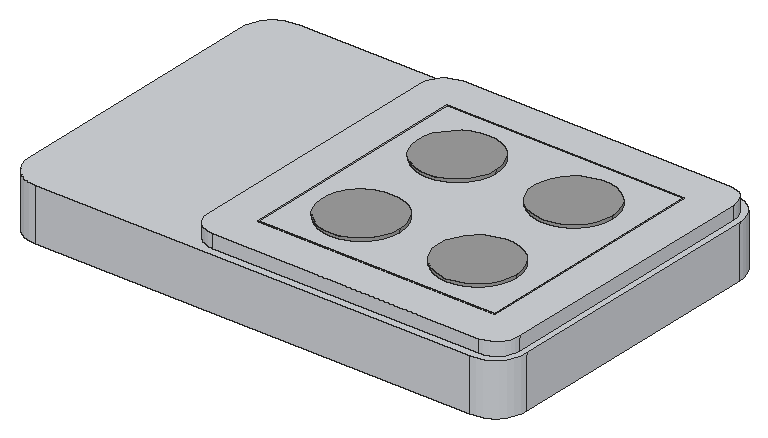
Revit family "Lighting-Industrial-GEWISS-SMART[4]HLO_HIGHBAYS-LED_EMERGENCY_1M", category Apparecchi per illuminazione, Revit 2019
Family settings
  Quota connettore circolare = Usa diametro
  Tipo di parte = Normale
  Numero OmniClass = 23.80.00.00
  Titolo OmniClass = Electric Power and Lighting
  Basato su piano di lavoro = Sì
  Sempre verticale = No
  Taglio con vuoti quando caricato = No
  Sorgente d'illuminazione = No
  Condiviso = No
  Punto di calcolo locali = No
Parameters (values of type "GWS4124BQ857 - SMART4LB 1M EMERG.HLO ELL.57K")
  Wiring = "With GW connect watertight connector"
  Weight (kg): = "5"
  Warranty = "5 years"
  Voltaggio = 230 V
  Vetro acceso = Lampada accesa
  Version file RFA = "20.11"
  Unique digital code (Datamatrix) = "Datamatrix"
  Unified Glare Rating = "-"
  URL = "https://www.gewiss.com/ww/en"
  Type of light source = "LED - Not replaceable"
  Tilt- = "-"
  Technical sheet = "https://www.gewiss.com/ww/en/search?q=GWS4124BQ857"
  System power : = "64 W (+5W Emerg.)"
  Supply voltage = "220 - 240 V"
  Stocking temperature = "-40 +70 °C"
  Standards and approvals = "-"
  Standard- = "EN 60598-2-22 ; EN 60598-1 ; EN 60598-2-24"
  Standard Deviation Colour Matching = "SDCM = 3"
  Spostamento_Y_etichetta [instance] = 0 mm
  Spostamento_Y_effettivo_etichetta [instance] = 1500 mm - Spostamento_Y_etichetta  # 1500 mm
  Spostamento_X_etichetta [instance] = 0 mm
  Spostamento_X_effettivo_etichetta [instance] = 1500 mm - Spostamento_X_etichetta  # 1500 mm
  Shock resistance = "IK08"
  Shield type = "Tempered glass Thickness 4mm"
  Realized by GEWISS S.p.A. = ""
  Rated frequency (Hz) = "50/60 Hz"
  Produttore = "GEWISS S.p.A."
  Photobiological Risk Class = "RG0"
  Overvoltage protection = "DM 6 kV / CM 10 kV"
  Optic and illuminating features = "-"
  Optic Maintenance = "Non-replaceable"
  Optic : = "Metallic PC reflector and PMMA lenses"
  Optic = "Elliptical"
  Operating temperature : = "0 ÷ +40 °C"
  Offset etichetta W [instance] = 120 mm
  Mouting and installation = "Ceiling light - Suspension"
  Modello = "GWS4124BQ857"
  Maximum surface exposed to the wind : = "0,140 m²"
  Materials = "-"
  Luminaire = "LED Industrial Reflector "
  Lumen output (lm) : = "8200 (750 Emerg.)"
  Locking Hook = "-"
  Lifetime = "L90B10 (Tq+25°C) = 100.000 h - L90B10 (Tq+50°C) = 50.000 h"
  Lampada = "LED"
  LED Maintenance = "NiMh Battery Only"
  Insulation class = "I"
  Installationa and maintenance = "-"
  Immagine tipo = GWL1071.jpg
  IPEA = "-"
  IP degree = "IP65"
  IFC.TypeObject = ""
  IFC.ExportType = ""
  IFC.ExportAs = ""
  IDT = "dbfa2a0d0d304b5c9c716a8a975efb61"
  IDF = "c2843a42-114d-4628-8d4d-b7f9c19c0e6a"
  Glow Wire Test : = "850 °C"
  General information = "-"
  Gasket = "anti-aging silicone"
  Fixing = "-"
  External screw = "Stainless steel"
  Etichetta wattaggio [instance] = yes
  Default Elevation = 1219.2 mm
  Trasformatore = none
  Spessore plafoniera = 40 mm  # constant formula
  Proiettsmart [instance] = yes
  Raggio led = 30 mm  # constant formula
  Plafoniera = none
  Eletrical and lighting features = "-"
  Electrocod = "2444"
  Efficiency (lm/W) = "119"
  Driver Box = "Built-in"
  Driver = "Included"
  Device with reduced surface temperature = "Yes"
  Descrizione = "SMART[4]LB 1M EMERG.HLO ELL.57K"
  DIN 18032-3 certification = "-"
  Control System = "1 x DALI DT6 + 1 x DALI DT1 (Emerg. 3h)"
  Context = "Logistics and industrial manufacturing lighting"
  Commenti sul wattaggio = "50W"
  Colour temperature = "5700K"
  Colour : = "Grey RAL 7035"
  Colour = "Grey RAL 7035"
  Color Rendering Index = "CRI-80"
  Classificazione = Lighting
  Classification: = "-"
  Catalogue = "LIGHTING"
  Carico apparente = 50 VA
  Motore = none
  Lunghezza = 383 mm  # constant formula
  Larghezza = 253 mm  # constant formula
  Distanza tot_plafoniera = 74 mm  # constant formula
  Dettaglio bidimensionale attivo [instance] = not(Proiettsmart)  # no
  COBie.Tagnumber = ""
  COBie.CreatedOn = ""
  COBie.CreatebBy = ""
  COBie.ComponentRegisterItemID = ""
  COBie.Component.TagNumber = ""
  COBie.Component.Space = ""
  COBie.Component.SerialNumber = ""
  COBie.Component.InstallationDate = ""
  COBie.Component.Description = ""
  COBie.Component.BarCode = ""
  Body = "PA6 \"Halogen Free\" loaded fibreglass"
  Application = "Internal"
Types (18, lengths in mm): name | Unified Glare Rating | Technical sheet | Optic : | Optic | Modello | Lumen output (lm) : | IDT | Efficiency (lm/W) | Descrizione | Colour temperature
  GWS4124BF830 - SMART4LB 1M EMERG.HLO 30° 30K | "UGR - 22" | "https://www.gewiss.com/ww/en/search?q=GWS4124BF830" | "Metallic PC reflector and PMMA lenses" | "30°" | "GWS4124BF830" | "8600 (810 Emerg.)" | "e205929dcc0942f0948c83918083207d" | "125" | "SMART[4]LB 1M EMERG.HLO 30° 30K" | "3000K"
  GWS4124BF840 - SMART4LB 1M EMERG.HLO 30° 40K | "UGR - 22" | "https://www.gewiss.com/ww/en/search?q=GWS4124BF840" | "Metallic PC reflector and PMMA lenses" | "30°" | "GWS4124BF840" | "9000 (850 Emerg.)" | "50c70a4f6ced45178af18676ac75613b" | "130" | "SMART[4]LB 1M EMERG.HLO 30° 40K" | "4000K"
  GWS4124BF857 - SMART4LB 1M EMERG.HLO 30° 57K | "UGR - 22" | "https://www.gewiss.com/ww/en/search?q=GWS4124BF857" | "Metallic PC reflector and PMMA lenses" | "30°" | "GWS4124BF857" | "9000 (850 Emerg.)" | "eaefd258a6de4ada8ffe52c209b637a5" | "130" | "SMART[4]LB 1M EMERG.HLO 30° 57K" | "5700K"
  GWS4124BH830 - SMART4LB 1M EMERG.HLO 60° 30K | "UGR - 25" | "https://www.gewiss.com/ww/en/search?q=GWS4124BH830" | "Metallic PC reflector and PMMA lenses" | "60°" | "GWS4124BH830" | "8700 (810 Emerg.)" | "8f460ce9c878498e94068a4f8f24146c" | "126" | "SMART[4]LB 1M EMERG.HLO 60° 30K" | "3000K"
  GWS4124BH840 - SMART4LB 1M EMERG.HLO 60° 40K | "UGR - 25" | "https://www.gewiss.com/ww/en/search?q=GWS4124BH840" | "Metallic PC reflector and PMMA lenses" | "60°" | "GWS4124BH840" | "9200 (850 Emerg.)" | "0d9c0454ef2b4150b3992b9f1e1f582d" | "133" | "SMART[4]LB 1M EMERG.HLO 60° 40K" | "4000K"
  GWS4124BH857 - SMART4LB 1M EMERG.HLO 60° 57K | "UGR - 25" | "https://www.gewiss.com/ww/en/search?q=GWS4124BH857" | "Metallic PC reflector and PMMA lenses" | "60°" | "GWS4124BH857" | "9200 (850 Emerg.)" | "45183929ce5d40188923b628645333b9" | "133" | "SMART[4]LB 1M EMERG.HLO 60° 57K" | "5700K"
  GWS4124BP830 - SMART4LB 1M EMERG.HLO 90° 30K | "UGR - 25" | "https://www.gewiss.com/ww/en/search?q=GWS4124BP830" | "Metallic PC reflector and PMMA lenses" | "90°" | "GWS4124BP830" | "8800 (810 Emerg.)" | "1f58021f66fe4c0a913365584fa01fac" | "128" | "SMART[4]LB 1M EMERG.HLO 90° 30K" | "3000K"
  GWS4124BP840 - SMART4LB 1M EMERG.HLO 90° 40K | "UGR - 25" | "https://www.gewiss.com/ww/en/search?q=GWS4124BP840" | "Metallic PC reflector and PMMA lenses" | "90°" | "GWS4124BP840" | "9200 (850 Emerg.)" | "f230a29887d44ff6a24ba23e0b25953c" | "133" | "SMART[4]LB 1M EMERG.HLO 90° 40K" | "4000K"
  GWS4124BP857 - SMART4LB 1M EMERG.HLO 90° 57K | "UGR - 25" | "https://www.gewiss.com/ww/en/search?q=GWS4124BP857" | "Metallic PC reflector and PMMA lenses" | "90°" | "GWS4124BP857" | "9200 (850 Emerg.)" | "8c7582153b8340768561bde774a283c2" | "133" | "SMART[4]LB 1M EMERG.HLO 90° 57K" | "5700K"
  GWS4124BA830 - SMART4LB 1M EMERG.HLO ARR.30K | "-" | "https://www.gewiss.com/ww/en/search?q=GWS4124BA830" | "Metallized polycarbonate reflector" | "Array" | "GWS4124BA830" | "8700 (810 Emerg.)" | "a9e737c2c90942b2a42787b32f029eee" | "126" | "SMART[4]LB 1M EMERG.HLO ARR.30K" | "3000K"
  GWS4124BA840 - SMART4LB 1M EMERG.HLO ARR.40K | "-" | "https://www.gewiss.com/ww/en/search?q=GWS4124BA840" | "Metallized polycarbonate reflector" | "Array" | "GWS4124BA840" | "9200 (850 Emerg.)" | "5fcdeda18b154df5888a3abc2dd82e59" | "133" | "SMART[4]LB 1M EMERG.HLO ARR.40K" | "4000K"
  GWS4124BA857 - SMART4LB 1M EMERG.HLO ARR.57K | "-" | "https://www.gewiss.com/ww/en/search?q=GWS4124BA857" | "Metallized polycarbonate reflector" | "Array" | "GWS4124BA857" | "9200 (850 Emerg.)" | "7539967e01304e10974998ac2e44caef" | "133" | "SMART[4]LB 1M EMERG.HLO ARR.57K" | "5700K"
  GWS4124BC830 - SMART4LB 1M EMERG.HLO ASI.30K | "-" | "https://www.gewiss.com/ww/en/search?q=GWS4124BC830" | "Metallic PC reflector and PMMA lenses" | "Asymmetrical" | "GWS4124BC830" | "7800 (710 Emerg.)" | "867985a0557a4644bbea3083425d13cd" | "113" | "SMART[4]LB 1M EMERG.HLO ASI.30K" | "3000K"
  GWS4124BC840 - SMART4LB 1M EMERG.HLO ASI.40K | "-" | "https://www.gewiss.com/ww/en/search?q=GWS4124BC840" | "Metallic PC reflector and PMMA lenses" | "Asymmetrical" | "GWS4124BC840" | "8200 (750 Emerg.)" | "4f17814d36d34125acb8437cb6e70089" | "119" | "SMART[4]LB 1M EMERG.HLO ASI.40K" | "4000K"
  GWS4124BC857 - SMART4LB 1M EMERG.HLO ASI.57K | "-" | "https://www.gewiss.com/ww/en/search?q=GWS4124BC857" | "Metallic PC reflector and PMMA lenses" | "Asymmetrical" | "GWS4124BC857" | "8200 (750 Emerg.)" | "af51b0fe7bc54008a903239c2b5b1486" | "119" | "SMART[4]LB 1M EMERG.HLO ASI.57K" | "5700K"
  GWS4124BQ830 - SMART4LB 1M EMERG.HLO ELL.30K | "-" | "https://www.gewiss.com/ww/en/search?q=GWS4124BQ830" | "Metallic PC reflector and PMMA lenses" | "Elliptical" | "GWS4124BQ830" | "7800 (710 Emerg.)" | "f643dad9f91749da9e4b49a320c6560a" | "113" | "SMART[4]LB 1M EMERG.HLO ELL.30K" | "3000K"
  GWS4124BQ840 - SMART4LB 1M EMERG.HLO ELL.40K | "-" | "https://www.gewiss.com/ww/en/search?q=GWS4124BQ840" | "Metallic PC reflector and PMMA lenses" | "Elliptical" | "GWS4124BQ840" | "8200 (750 Emerg.)" | "8f78bef3880e4649b64ecbe1be2c7766" | "119" | "SMART[4]LB 1M EMERG.HLO ELL.40K" | "4000K"
  GWS4124BQ857 - SMART4LB 1M EMERG.HLO ELL.57K | "-" | "https://www.gewiss.com/ww/en/search?q=GWS4124BQ857" | "Metallic PC reflector and PMMA lenses" | "Elliptical" | "GWS4124BQ857" | "8200 (750 Emerg.)" | "dbfa2a0d0d304b5c9c716a8a975efb61" | "119" | "SMART[4]LB 1M EMERG.HLO ELL.57K" | "5700K"
Reference planes
  plane 1 "Centro (Fronte/Retro)": y = 0
  plane 2: z = 0
  plane 3 "Centro (Sinistra/Destra)": x = 0
  plane 4: x = -191.5
  plane 5: y = 126.5
  plane 6: x = 191.5
  plane 7: y = -126.5
  plane 8: z = -74
  plane 9: x = -175.5
  plane 10: y = -110.5
  plane 11: y = 110.5
  plane 12: x = -60.5
  plane 13: y = 121.5
  plane 14: x = 186.5
  plane 15: y = -120
  plane 16: z = 74
  plane 17: z = 84
  plane 18: z = 86
  plane 19: x = -1500
  plane 20: y = -1500
  plane 21: x = 0
  plane 22: y = 0
Dimensions and locks
  equal spacing: plane 5, plane 1 "Centro (Fronte/Retro)", plane 7
  equal spacing: plane 4, plane 3 "Centro (Sinistra/Destra)", plane 6
  "Lunghezza": plane 4 to plane 6
  "Larghezza": plane 5 to plane 7
  locked: plane 14 to plane 6 at 5
  locked: plane 5 to plane 13 at 5
  nested 3 to plane 8 = 133.058 mm
  locked: plane 4 to plane 9 at 16
  "Offset etichetta W": plane 1 "Centro (Fronte/Retro)" to plane 15
  "Distanza tot_plafoniera": plane 16 to level
  locked: plane 18 to plane 17 at 2
  plane 19 to plane 3 "Centro (Sinistra/Destra)" = 1500 mm
  plane 1 "Centro (Fronte/Retro)" to plane 20 = 1500 mm
  "Spostamento_Y_effettivo_etichetta": plane 22 to plane 20
  "Spostamento_X_effettivo_etichetta": plane 19 to plane 21
  aligned and locked: level to plane 2
  aligned and locked: plane 4 to nested 1
  aligned and locked: plane 6 to nested 1
  aligned and locked: plane 5 to nested 1
  aligned and locked: plane 7 to nested 1
  aligned and locked: plane 14 to nested 2
  aligned and locked: plane 1 "Centro (Fronte/Retro)" to nested 10
  aligned and locked: nested 3 to plane 2
  aligned and locked: plane 16 to nested 1
  aligned and locked: plane 1 "Centro (Fronte/Retro)" to nested 8
  aligned and locked: plane 1 "Centro (Fronte/Retro)" to nested 1
  aligned and locked: plane 1 "Centro (Fronte/Retro)" to nested 2
  aligned and locked: nested 2 to plane 16
  aligned and locked: nested 4 to plane 18
  aligned and locked: plane 18 to nested 6
  aligned and locked: nested 7 to plane 18
  aligned and locked: plane 18 to nested 5
  aligned and locked: nested 9 to plane 22
  aligned and locked: plane 21 to nested 9
Nested families
  nested 1: "Struttura_SMART[4] LB - 2+2 L" at (0, 0, 74), type "SMART Lab (4) 4L"
  nested 2: "mascherina_SMART (4)" at (66.5, 0, 84), type "Maschera_smart (4) 4L", detail levels medium+fine
  nested 3: "Staffa SMART LAB 4" at (65, -20, 59.058) x (0, 1, 0) z (0, 0, -1), type "Staffa SMART LAB 4", detail levels medium+fine
  nested 4: "Gewis - Led" at (20.25, 44.75, 86), type "Gewis - Led", detail levels fine
  nested 5: "Gewis - Led" at (109.75, 44.75, 86) x (-1, 0, 0) z (0, 0, 1), type "Gewis - Led", detail levels fine
  nested 6: "Gewis - Led" at (20.25, -47.75, 86), type "Gewis - Led", detail levels fine
  nested 7: "Gewis - Led" at (109.75, -47.75, 86) x (-1, 0, 0) z (0, 0, 1), type "Gewis - Led", detail levels fine
  nested 8: "Rappr_bidimensionale_SMART[4] LB 4L" at (40, 0, 0), visible <- "Dettaglio bidimensionale attivo", type "SMART[4] LB 4L_bidimensionalerfa"
  nested 9: "ETICHETTA LIGHT" at (0, 0, 0), visible <- "Etichetta wattaggio", type "ETICHETTA LIGHT"
  nested 10: "PROIETTSMART " at (-32.162, 0, 0), visible <- "Proiettsmart", type "PROIETTSMART "
Connectors
  electrical at (0.009, -0.098, 34), driven by "Classificazione", driven by "Carico apparente"
    settings: on nested 1, index 1, voltage 230 V, apparent load 0 VA, apparent load phase1 50 VA, apparent load phase2 0 VA, apparent load phase3 0 VA, power factor 1, load classification "Lighting", number of poles 2, system type 31, power factor state 1, is connector primary yes, connector utility no, sub classification motor no, connector description ""
Definition of nested family "Struttura_SMART[4] LB - 2+2 L"
  Parameters (values of type "SMART Lab (4) 4L")
    Struttura plafoniera = none
    Spessore_plafoniera = 40 mm
    Lunghezza = 383 mm
    Larghezza = 253 mm
  Reference planes
    plane 1 "Asse sorgente illuminazione (F/B)": y = 0
    plane 2: z = 0
    plane 3 "Asse sorgente illuminazione (L/R)": x = 0
    plane 4 "Prospetto sorgente di illuminazione": z = -40
    plane 5 "SX": x = -191.5
    plane 6 "DX": x = 191.5
    plane 7 "DIETRO": y = 126.5
    plane 8 "AVANTI": y = -126.5
    plane 9: x = -51.5
    plane 10: x = 180.5
    plane 11: y = -115.5
    plane 12: y = 115.5
    plane 13: x = -180.5
    plane 14: x = 51.5
  Forms (mm)
    Extrusion 1, solid, material <- "Struttura plafoniera"
      sketch origin (0, 0, 0) x (1, 0, 0) y (0, 1, 0)
        loop
          line (191.5, -102.095) -> (191.5, 102.09)
          arc (191.5, 102.09) -> (184.35, 119.35) -> (167.09, 126.5) r 24.41
          line (167.09, 126.5) -> (-167.009, 126.5)
          arc (-167.009, 126.5) -> (-184.554, 119.1) -> (-191.5, 101.371) r 24.499
          line (-191.5, 101.371) -> (-191.5, -102.092)
          arc (-191.5, -102.092) -> (-184.351, -119.351) -> (-167.092, -126.5) r 24.408
          line (-167.092, -126.5) -> (167.117, -126.5)
          arc (167.117, -126.5) -> (184.334, -119.368) -> (191.465, -102.152) r 24.348
      from -40 to 0
  Dimensions and locks
    equal spacing: plane 5 "SX", plane 3 "Asse sorgente illuminazione (L/R)", plane 6 "DX"
    equal spacing: plane 7 "DIETRO", plane 1 "Asse sorgente illuminazione (F/B)", plane 8 "AVANTI"
    "Lunghezza": plane 5 "SX" to plane 6 "DX"
    "Larghezza": plane 7 "DIETRO" to plane 8 "AVANTI"
    locked: plane 7 "DIETRO" to plane 12 at 11
    locked: plane 11 to plane 8 "AVANTI" at 11
    locked: plane 10 to plane 6 "DX" at 11
    locked: plane 9 to plane 10 at 232
    plane 13 to plane 14 = 232 mm
    locked: plane 5 "SX" to plane 13 at 11
    "Spessore_plafoniera": plane 2 to plane 4 "Prospetto sorgente di illuminazione"
    aligned and locked: level to plane 2
    aligned and locked: Extrusion 1 to plane 5 "SX"
    aligned and locked: Extrusion 1 to plane 8 "AVANTI"  (x2)
    aligned and locked: plane 7 "DIETRO" to Extrusion 1
    aligned and locked: plane 6 "DX" to Extrusion 1
    aligned and locked: plane 4 "Prospetto sorgente di illuminazione" to Extrusion 1
    aligned and locked: plane 2 to Extrusion 1
  Automatic sketch dimensions
    Extrusion 1 sketch curve to plane 5 "SX" = 0 mm
    Extrusion 1 sketch curve to plane 8 "AVANTI" = 0 mm
    Extrusion 1 sketch curve to plane 7 "DIETRO" = 0 mm
    Extrusion 1 sketch curve to plane 6 "DX" = 0 mm
    plane 13 to Extrusion 1 sketch curve = 13.408 mm
    plane 13 to Extrusion 1 sketch curve = 13.491 mm
    Extrusion 1 sketch curve to plane 10 = 13.41 mm
    Extrusion 1 sketch curve to plane 10 = 13.383 mm
    plane 11 to Extrusion 1 sketch curve = 13.348 mm
    Extrusion 1 sketch curve to plane 12 = 14.129 mm
    Extrusion 1 sketch curve to Extrusion 1 sketch curve = 0.056 mm
Definition of nested family "mascherina_SMART (4)"
  Parameters (values of type "Maschera_smart (4) 4L")
    Spessore_mascherina = 10 mm
    Default Elevation = 1219.2 mm
    N.intarsi = (Lunghezza_mascherina - (Bordo * 2)) / 15 mm  # 12
    N._intarsi verticale = (Larghezza_mascherina - (Bordo * 2)) / 17 mm  # 11
    Mascherina = none
    Lunghezza_mascherina = 240 mm
    Larghezza_mascherina = 240 mm
    Distanza_intarsi v. = 41 mm  # constant formula
    Distanza_intarsi = 37 mm  # constant formula
    Bordo = 29 mm
  Reference planes
    plane 1 "Centro (Fronte/Retro)": y = 0
    plane 2: z = 0
    plane 3 "Centro (Sinistra/Destra)": x = 0
    plane 4: x = -120
    plane 5 "Dietro": y = 120
    plane 6: x = 120
    plane 7: y = -120
    plane 8: x = -91
    plane 9: y = -91
    plane 10: x = 91
    plane 11: y = 91
    plane 12: x = -83
    plane 13: y = 94.742
    plane 14: y = -95
    plane 15: z = -10
    plane 16: x = -95
    plane 17: y = 79
    plane 18: y = -79
    plane 19: x = 95
    plane 20: z = -4.799
  Forms (mm)
    Extrusion 1, solid, material <- "Mascherina"
      sketch origin (0, 0, 0) x (1, 0, 0) y (0, 1, 0)
        loop
          arc (-102.5, 120) -> (-114.874, 114.874) -> (-120, 102.5) r 17.5
          line (-120, 102.5) -> (-120, -102.5)
          arc (-120, -102.5) -> (-114.874, -114.874) -> (-102.5, -120) r 17.5
          line (-102.5, -120) -> (102.5, -120)
          arc (102.5, -120) -> (114.874, -114.874) -> (120, -102.5) r 17.5
          line (120, -102.5) -> (120, 102.5)
          arc (120, 102.5) -> (114.874, 114.874) -> (102.5, 120) r 17.5
          line (102.5, 120) -> (-102.5, 120)
        loop
          line (-91, 91) -> (-91, -91) -> (91, -91) -> (91, 91) -> (-91, 91)
      from -10 to 0
    Extrusion 2, solid, material <- "Mascherina"
      sketch origin (0, 0, 0) x (1, 0, 0) y (0, 1, 0)
        loop
          line (-91, 91) -> (-91, -91) -> (91, -91) -> (91, 91) -> (-91, 91)
      from -4.799 to 0
  Dimensions and locks
    equal spacing: plane 4, plane 3 "Centro (Sinistra/Destra)", plane 6
    "Lunghezza_mascherina": plane 4 to plane 6
    equal spacing: plane 5 "Dietro", plane 1 "Centro (Fronte/Retro)", plane 7
    "Larghezza_mascherina": plane 5 "Dietro" to plane 7
    "Bordo": plane 4 to plane 8
    "Bordo": plane 9 to plane 7
    "Bordo": plane 5 "Dietro" to plane 11
    "Bordo": plane 10 to plane 6
    "Distanza_intarsi": plane 4 to plane 12
    locked: plane 13 to plane 11 at 3.742
    "Spessore_mascherina": plane 2 to plane 15
    "Distanza_intarsi v.": plane 5 "Dietro" to plane 17
    "Distanza_intarsi v.": plane 18 to plane 7
    locked: plane 9 to plane 14 at 4
    locked: plane 16 to plane 8 at 4
    locked: plane 10 to plane 19 at 4
    locked: plane 2 to plane 20 at 4.799
    radius of Extrusion 1 sketch curve = 17.5 mm  (x4)
    aligned and locked: level to plane 2
    aligned and locked: plane 4 to Extrusion 1 sketch curve
    aligned and locked: plane 6 to Extrusion 1 sketch curve
    aligned and locked: Extrusion 1 sketch curve to plane 5 "Dietro"
    aligned and locked: Extrusion 1 sketch curve to plane 7
    aligned and locked: Extrusion 1 sketch curve to plane 11
    aligned and locked: plane 8 to Extrusion 1 sketch curve
    aligned and locked: plane 9 to Extrusion 1 sketch curve
    aligned and locked: Extrusion 1 sketch curve to plane 10
    aligned and locked: plane 2 to Extrusion 1
    aligned and locked: Extrusion 1 to plane 15
    aligned and locked: Extrusion 2 sketch curve to plane 10
    aligned and locked: plane 9 to Extrusion 2 sketch curve
    aligned and locked: plane 8 to Extrusion 2 sketch curve
    aligned and locked: Extrusion 2 sketch curve to plane 11
    aligned and locked: plane 2 to Extrusion 2
    aligned and locked: Extrusion 2 to plane 20
Definition of nested family "Staffa SMART LAB 4"
  Parameters (values of type "Staffa SMART LAB 4")
    Staffa = none
    Default Elevation = 1219.2 mm
  Reference planes
    plane 1 "Centro (Fronte/Retro)": y = 0
    plane 2: z = 0
    plane 3 "Centro (Sinistra/Destra)": x = 0
    plane 4: y = 25
    plane 5: y = -25
    plane 6: x = -480
    plane 7: x = 480
    plane 8: z = 340
  Forms (mm)
    Extrusion 1, solid, material <- "Staffa"
      sketch origin (-19.427, 0, 0) x (1, 0, 0) y (0, 0, 1)
        loop
          line (-52.112, 0) -> (-51.312, 0) -> (-51.312, 5.038) -> (-51.312, 7.679) -> (-48.064, 11.553) -> (-48.309, 20.832)
          arc (-48.309, 20.832) -> (-48.108, 21.384) -> (-47.585, 21.651) r 0.801
          line (-47.585, 21.651) -> (-46.541, 21.744)
          arc (-46.541, 21.744) -> (-45.388, 22.346) -> (-44.998, 23.587) r 1.701
          line (-44.998, 23.587) -> (-45.225, 26.168) -> (-47.881, 28.39) -> (-47.881, 32.971) -> (-23.475, 58.058) -> (62.329, 58.058) -> (86.735, 32.971) -> (86.735, 28.39) -> (84.08, 26.168) -> (83.852, 23.587)
          arc (83.852, 23.587) -> (84.243, 22.346) -> (85.396, 21.744) r 1.701
          line (85.396, 21.744) -> (86.439, 21.651)
          arc (86.439, 21.651) -> (86.963, 21.384) -> (87.163, 20.832) r 0.801
          line (87.163, 20.832) -> (86.919, 11.553) -> (90.167, 7.679) -> (90.167, 5.038) -> (90.167, 0) -> (90.967, 0) -> (90.967, 5.038) -> (90.967, 7.979) -> (87.921, 11.618) -> (88.163, 20.806)
          arc (88.163, 20.806) -> (87.71, 22.048) -> (86.531, 22.647) r 1.801
          line (86.531, 22.647) -> (85.484, 22.74)
          arc (85.484, 22.74) -> (85.009, 22.988) -> (84.849, 23.499) r 0.701
          line (84.849, 23.499) -> (85.039, 25.667) -> (87.735, 27.923) -> (87.735, 32.876) -> (86.947, 34.187) -> (62.751, 59.058) -> (-23.897, 59.058) -> (-48.093, 34.187) -> (-48.881, 32.876) -> (-48.881, 27.923) -> (-46.185, 25.667) -> (-45.994, 23.499)
          arc (-45.994, 23.499) -> (-46.155, 22.988) -> (-46.63, 22.74) r 0.701
          line (-46.63, 22.74) -> (-47.676, 22.647)
          arc (-47.676, 22.647) -> (-48.856, 22.048) -> (-49.308, 20.806) r 1.801
          line (-49.308, 20.806) -> (-49.066, 11.618) -> (-52.112, 7.979) -> (-52.112, 5.038) -> (-52.112, 0)
      from -25 to 25
  Dimensions and locks
    equal spacing: plane 6, plane 3 "Centro (Sinistra/Destra)", plane 7
    equal spacing: plane 4, plane 1 "Centro (Fronte/Retro)", plane 5
    plane 4 to plane 5 = 50 mm
    plane 6 to plane 7 = 960 mm
    aligned and locked: level to plane 2
    aligned and locked: plane 4 to Extrusion 1
    aligned and locked: Extrusion 1 to plane 5
  Automatic sketch dimensions
    Extrusion 1 sketch curve to Extrusion 1 sketch curve = 0 mm  (x10)
    Extrusion 1 sketch curve to level = 0 mm  (x2)
    level to Extrusion 1 sketch curve = 5.038 mm
    Extrusion 1 sketch curve to plane 3 "Centro (Sinistra/Destra)" = 71.54 mm
    Extrusion 1 sketch curve to Extrusion 1 sketch curve = 0.8 mm  (x2)
    level to Extrusion 1 sketch curve = 20.806 mm  (x2)
    Extrusion 1 sketch curve to Extrusion 1 sketch curve = 2.804 mm
    level to Extrusion 1 sketch curve = 11.618 mm  (x2)
    Extrusion 1 sketch curve to Extrusion 1 sketch curve = 2.246 mm  (x2)
    Extrusion 1 sketch curve to Extrusion 1 sketch curve = 0.428 mm
    level to Extrusion 1 sketch curve = 20.832 mm  (x2)
    Extrusion 1 sketch curve to Extrusion 1 sketch curve = 1 mm  (x4)
    Extrusion 1 sketch curve to Extrusion 1 sketch curve = 0.788 mm
    level to Extrusion 1 sketch curve = 11.553 mm  (x2)
    Extrusion 1 sketch curve to Extrusion 1 sketch curve = 1.002 mm  (x2)
    level to Extrusion 1 sketch curve = 22.647 mm  (x2)
    Extrusion 1 sketch curve to Extrusion 1 sketch curve = 0.632 mm
    level to Extrusion 1 sketch curve = 21.651 mm  (x2)
    Extrusion 1 sketch curve to Extrusion 1 sketch curve = 0.092 mm  (x2)
    Extrusion 1 sketch curve to Extrusion 1 sketch curve = 0.984 mm
    level to Extrusion 1 sketch curve = 22.74 mm  (x2)
    Extrusion 1 sketch curve to Extrusion 1 sketch curve = 0.062 mm
    level to Extrusion 1 sketch curve = 21.744 mm  (x2)
    Extrusion 1 sketch curve to Extrusion 1 sketch curve = 0.088 mm
    Extrusion 1 sketch curve to Extrusion 1 sketch curve = 0.507 mm
    level to Extrusion 1 sketch curve = 23.499 mm  (x2)
    Extrusion 1 sketch curve to Extrusion 1 sketch curve = 0.698 mm  (x2)
    Extrusion 1 sketch curve to Extrusion 1 sketch curve = 0.96 mm  (x2)
    level to Extrusion 1 sketch curve = 23.587 mm  (x2)
    Extrusion 1 sketch curve to plane 3 "Centro (Sinistra/Destra)" = 43.324 mm
    Extrusion 1 sketch curve to Extrusion 1 sketch curve = 0.422 mm  (x2)
    plane 3 "Centro (Sinistra/Destra)" to Extrusion 1 sketch curve = 42.902 mm
    Extrusion 1 sketch curve to Extrusion 1 sketch curve = 21.523 mm
    level to Extrusion 1 sketch curve = 26.168 mm
    Extrusion 1 sketch curve to Extrusion 1 sketch curve = 0.227 mm
    Extrusion 1 sketch curve to Extrusion 1 sketch curve = 0.996 mm
    level to Extrusion 1 sketch curve = 25.667 mm
    Extrusion 1 sketch curve to Extrusion 1 sketch curve = 0.548 mm
    Extrusion 1 sketch curve to Extrusion 1 sketch curve = 0.966 mm
    Extrusion 1 sketch curve to Extrusion 1 sketch curve = 0.077 mm
    level to Extrusion 1 sketch curve = 28.39 mm
    Extrusion 1 sketch curve to Extrusion 1 sketch curve = 1.696 mm
    Extrusion 1 sketch curve to Extrusion 1 sketch curve = 0.557 mm
    level to Extrusion 1 sketch curve = 34.187 mm
    Extrusion 1 sketch curve to Extrusion 1 sketch curve = 0.212 mm
    Extrusion 1 sketch curve to Extrusion 1 sketch curve = 0.801 mm
    level to Extrusion 1 sketch curve = 7.679 mm
    Extrusion 1 sketch curve to Extrusion 1 sketch curve = 2.641 mm  (x2)
    Extrusion 1 sketch curve to Extrusion 1 sketch curve = 0.3 mm  (x2)
    Extrusion 1 sketch curve to Extrusion 1 sketch curve = 2.168 mm
    Extrusion 1 sketch curve to Extrusion 1 sketch curve = 0.501 mm
    Extrusion 1 sketch curve to Extrusion 1 sketch curve = 0.467 mm  (x2)
    Extrusion 1 sketch curve to Extrusion 1 sketch curve = 2.256 mm
    Extrusion 1 sketch curve to Extrusion 1 sketch curve = 4.486 mm
    Extrusion 1 sketch curve to Extrusion 1 sketch curve = 1.311 mm
    Extrusion 1 sketch curve to Extrusion 1 sketch curve = 0.095 mm  (x2)
    Extrusion 1 sketch curve to Extrusion 1 sketch curve = 1.216 mm
    Extrusion 1 sketch curve to Extrusion 1 sketch curve = 23.87 mm
Definition of nested family "Gewis - Led"
  Parameters (values of type "Gewis - Led")
    Vetro = none
    Raggio led = 30 mm
    Default Elevation = 1219.2 mm
    Estensione vetro = 3 mm
  Reference planes
    plane 1 "Centro (Fronte/Retro)": y = 0
    plane 2: z = 0
    plane 3 "Centro (Sinistra/Destra)": x = 0
  Forms (mm)
    Extrusion 1, solid, material <- "Vetro"
      sketch origin (0, 0, 0) x (1, 0, 0) y (0, 1, 0)
        loop
          circle (0, 0) r 30
      from -3 to 0
  Dimensions and locks
    "Estensione vetro": level to Extrusion 1
    "Raggio led": radius of Extrusion 1 sketch curve
    aligned and locked: level to plane 2
    aligned and locked: level to Extrusion 1
  Automatic sketch dimensions
    plane 1 "Centro (Fronte/Retro)" to Extrusion 1 sketch curve = 0 mm
    Extrusion 1 sketch curve to plane 3 "Centro (Sinistra/Destra)" = 0 mm
Definition of nested family "Rappr_bidimensionale_SMART[4] LB 4L"
  Reference planes
    plane 1 "Centro (Fronte/Retro)": y = 0
    plane 2: z = 0
    plane 3 "Centro (Sinistra/Destra)": x = 0
  Lines and regions (mm)
    model lines, in view "Livello rif."
      curve 1: circle (-20.568, 47.057, 0) r 28.619 normal (0, 0, 1)
      curve 2: circle (73.432, -46.943, 0) r 28.619 normal (0, 0, 1)
      curve 3: circle (-20.568, -46.943, 0) r 28.619 normal (0, 0, 1)
      curve 4: circle (73.432, 47.057, 0) r 28.619 normal (0, 0, 1)
      curve 5: arc (-93.068, -104.009, 0) -> (-88.529, -114.969, 0) -> (-77.568, -119.509, 0) r 15.5
      curve 6: arc (145.932, 103.991, 0) -> (141.392, 114.952, 0) -> (130.432, 119.491, 0) r 15.5
      curve 7: arc (-77.568, 119.491, 0) -> (-88.529, 114.952, 0) -> (-93.068, 103.991, 0) r 15.5
      curve 8: arc (130.432, -119.509, 0) -> (141.392, -114.969, 0) -> (145.932, -104.009, 0) r 15.5
      curve 9: arc (152.721, 103.991, 0) -> (146.196, 119.749, 0) -> (130.441, 126.281, 0) r 22.29
      curve 10: arc (130.443, -126.298, 0) -> (146.197, -119.766, 0) -> (152.721, -104.009, 0) r 22.29
      curve 11: arc (-230.358, -108, 0) -> (-225, -120.942, 0) -> (-212.058, -126.298, 0) r 18.29
      curve 12: arc (-212.077, 126.281, 0) -> (-225.001, 120.924, 0) -> (-230.358, 108, 0) r 18.29
      curve 13: line (-66.068, -92.509, 0) -> (-66.068, 92.491, 0)
      curve 14: line (-66.068, 92.491, 0) -> (118.932, 92.491, 0)
      curve 15: line (118.932, 92.491, 0) -> (118.932, -92.509, 0)
      curve 16: line (118.932, -92.509, 0) -> (-66.068, -92.509, 0)
      curve 17: line (-77.568, -119.509, 0) -> (130.432, -119.509, 0)
      curve 18: line (-77.568, 119.491, 0) -> (130.432, 119.491, 0)
      curve 19: line (-93.068, 103.991, 0) -> (-93.068, -104.009, 0)
      curve 20: line (145.932, 103.991, 0) -> (145.932, -104.009, 0)
      curve 21: line (-212.077, 126.281, 0) -> (130.441, 126.281, 0)
      curve 22: line (152.721, 103.991, 0) -> (152.721, -104.009, 0)
      curve 23: line (130.443, -126.298, 0) -> (-212.058, -126.298, 0)
      curve 24: line (-230.358, -108, 0) -> (-230.358, 108, 0)
Definition of nested family "ETICHETTA LIGHT"
  Parameters (values of type "ETICHETTA LIGHT")
    COMMENTI = "53W"
  Reference planes
    plane 1: y = 0
    plane 2: x = 0
  Text (mm)
    label "COMMENTI" at (-0.057, 0.105, 0), shows "COMMENTI"
Definition of nested family "PROIETTSMART "
  Reference planes
    plane 1 "Centro (Fronte/Retro)": y = 0
    plane 2: z = 0
    plane 3 "Centro (Sinistra/Destra)": x = 0
  Lines and regions (mm)
    model lines, in view "Livello rif."
      curve 1: line (120.593, -21.515, 0) -> (77.393, -0.008, 0)
      curve 2: line (77.393, -0.008, 0) -> (120.593, 21.758, 0)
      curve 3: line (120.593, 21.758, 0) -> (120.593, -21.515, 0)
      curve 4: line (77.393, 21.629, 0) -> (77.393, -21.645, 0)
      curve 5: line (77.393, -0.008, 0) -> (52.133, -0.008, 0)
      curve 6: line (120.593, 0.122, 0) -> (139.246, 0.122, 0)
      curve 7: line (162.162, 66.747, 0) -> (162.162, -66.747, 0)
      curve 8: line (162.162, -66.747, 0) -> (-97.838, -66.747, 0)
      curve 9: line (-97.838, -66.747, 0) -> (-97.838, 66.747, 0)
      curve 10: line (-97.838, 66.747, 0) -> (162.162, 66.747, 0)
      curve 11: line (45.772, 49.667, 0) -> (145.121, 49.667, 0)
      curve 12: line (145.121, 49.667, 0) -> (145.121, -49.683, 0)
      curve 13: line (145.121, -49.683, 0) -> (45.772, -49.683, 0)
      curve 14: line (45.772, -49.683, 0) -> (45.772, 49.667, 0)
